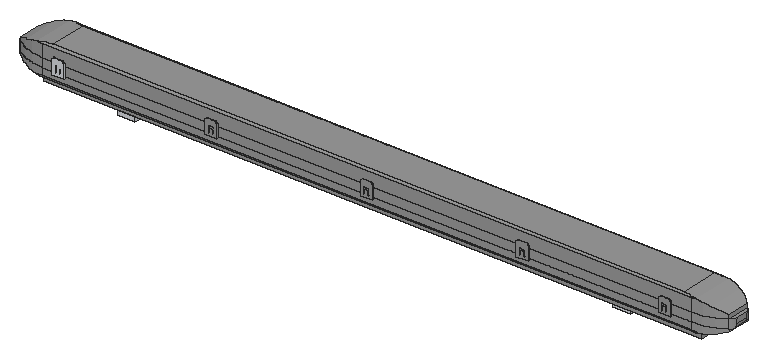
Revit family "0010317", category Lighting Fixtures, host Face, Revit 2018
Family settings
  Host = Face
  Round Connector Dimension = Use Diameter
  Part Type = Normal
  OmniClass Number = 23.80.70.00
  OmniClass Title = Lighting
  Cut with Voids When Loaded = No
  Light Source = Yes
  Shared = No
  Room Calculation Point = No
Parameters (values of type "0010317 RESISTO GRP 1500 IP66 7000LM 840")
  Weight = "n/a"
  Wattage Comments = ""
  Wattage = 9.2903 W
  WarrantyStartDate [instance] = "n/a"
  WarrantyGuarantorParts = "n/a"
  WarrantyDurationUnit = "n/a"
  WarrantyDurationParts = ""
  WarrantyDescription = "http://www.sylvania-lighting.com"
  built-in parameter 1150110 = 1 (stored number, unit not read)
  Voltage = 0 V
  URL = "1"
  TypeName = "Resisto GRP 1500 IP66 7000lm 840"
  Type Image = <None>
  Type Comments = "n/a"
  built-in parameter 1114217 = 1 (stored number, unit not read)
  Tilt Angle = 60.00°
  built-in parameter 1150109 = 1 (stored number, unit not read)
  built-in parameter 1150134 = 3
  built-in parameter 1150113 = 1 (stored number, unit not read)
  SerialNumber [instance] = "n/a"
  Photometric Web File = "0010317.ies"
  Material_3_SYL = none
  PowerFactor = 0
  PowerConsumption = "Lighting"
  NominalLength = 1450 mm
  NominalHeight = 90 mm
  NominalDepth = 100 mm
  Name = "Resisto GRP 1500 IP66 7000lm 840"
  ModelReference = Name  # "Resisto GRP 1500 IP66 7000lm 840"
  ModelNumber = "0010317"
  Model = Name  # "Resisto GRP 1500 IP66 7000lm 840"
  Material = "Feilo Sylvania"
  ManufacturerName = "137 lm/W"
  Manufacturer = ""
  LuminousEfficacy = ""
  built-in parameter 1150105 = 109.82 (stored number, unit not read)
  Lumens = 1380 lm
  LuminaireType = "0"
  built-in parameter 1150115 = 1 (stored number, unit not read)
  LightOutputRatio = "LED"
  built-in parameter 1150137 = (empty or 0)
  built-in parameter 1150139 = (empty or 0)
  LampsType = Lamp  # "n/a"
  LampNominalLuminous = "4000 K"
  LampMacAdamStep = "80"
  LampColourTemperature = "LED"
  LampColourRenderingIndex = "16500"
  built-in parameter 1150112 = 1 (stored number, unit not read)
  built-in parameter 1150114 = 1 (stored number, unit not read)
  Lamp = "n/a"
  Keynote = "n/a"
  InstallationDate [instance] = "n/a"
  InputVoltage = "0"
  InputNominalFrequency = "4000"
  built-in parameter 1150132 = (empty or 0)
  built-in parameter 1150102 = (empty or 0)
  built-in parameter 1150107 = 3200 (stored number, unit not read)
  built-in parameter 1150138 = (empty or 0)
  IngressProtection = "IfcLightFixtureType"
  ImpactProtectionIndex = "IfcLightFixtureType"
  built-in parameter 1150106 = 1.0982 (stored number, unit not read)
  IfcExportType = "IfcLightFixtureType"
  IfcExportAs = "Class I"
  ElectricShockClassification = "137"
  built-in parameter 1150104 = 13.8 (stored number, unit not read)
  DocumentationLiterature = "http://www.sylvania-lighting.com/product/en-int/products/0010317"
  DimmingControlOptions = "n/a"
  Material_2_SYL = none
  Dimming Lamp Color Temperature Shift = <None>
  Description = "Resisto GRP, integrated LED weatherproof luminaire, with smooth body finish optimized for LEDs with flat diffuser, easy to handle. Stainless steel diffuser clips and fixing brackets for surface mounting. The luminaire benefits from a water and dust resistant GRP body and PMMA diffuser. 7000lm; 51W; 137lm/W; 4000K; SDCM<4; non dimmable;  CRI80; IP66; IK02; Class I; 72,000hrs (L80B20) lifespan;  1454mm x 90mm x 120mm; D-mark."
  Default Elevation = 1219.2 mm
  CreatedOn = "12/12/2022"
  CreatedBy = "@sylvania-lighting.com"
  Cost = 0
  Color Filter = 16777215
  built-in parameter 1114216 [instance] = (empty or 0)
  ClassificationValue = "EF_70_80"
  ClassificationName = "Uniclass2015"
  Material_1_SYL = none
  BarCode [instance] = "n/a"
  built-in parameter 1114218 = 1 (stored number, unit not read)
  built-in parameter 1150133 = 10 (stored number, unit not read)
  AssetType = "Fixed"
  AssetIdentifier [instance] = "n/a"
  Assembly Code = "D5020200"
  Apparent Load = 51 VA
  Material_4_SYL = none
Reference planes
  plane 1 "Center (Front/Back)": y = 0
  plane 2: z = 0
  plane 3 "Center (Left/Right)": x = 0
  plane 4: x = -725
  plane 5: x = 725
  plane 6: z = 10
  plane 7: x = -666
  plane 8: x = 666
  plane 9: y = 26.5
  plane 10: y = -26.5
  plane 11: y = 42.5
  plane 12: y = -42.5
  plane 13: z = 25
  plane 14: z = 43
  plane 15: z = 29
  plane 16: y = -38.5
  plane 17: y = 38.5
  plane 18: x = 616
  plane 19: y = 7.5
  plane 20: x = 717.5
  plane 21: x = -717.458
  plane 22: z = 52
  plane 23: y = 28
  plane 24: y = -28
  plane 25: x = 517
  plane 26: x = -637.458
  plane 27: z = 38
  plane 28: x = -612.458
  plane 29: z = 70
  plane 30: z = 42
  plane 31: x = -616.458
  plane 32: x = -633.458
  plane 33: x = -624.958
  plane 34: x = -621.958
  plane 35: x = -627.942
  plane 36: z = 57
  plane 37: z = 49
  plane 38: x = -619.958
  plane 39: x = -629.942
  plane 40: z = 44
  plane 41: x = -328
  plane 42: y = 43.5
  plane 43: y = -43.5
  plane 44: z = 90
  plane 45: x = -640
  plane 46: y = -21.5
  plane 47: y = 21.5
  plane 48: x = -657
  plane 49: y = 6.5
  plane 50: x = -721.576
  plane 51: y = 13
  plane 52: y = 23.5
Forms (mm)
  Extrusion 1, solid, material "GFRP", detail levels medium+fine
    sketch origin (0, 0, 0) x (1, 0, 0) y (0, 1, 0)
      loop
        line (-666, 28) -> (-666, -28) -> (666, -28) -> (666, 28) -> (-666, 28)
    from 10 to 38
  Extrusion 2, solid, material "GFRP", detail levels medium+fine
    sketch origin (111, 1524, 1219.2) x (0, 1, 0) y (0, 0, 1)
      loop
        line (-1481.5, -1176.2) -> (-1566.5, -1176.2) -> (-1566.5, -1190.2)
        arc (-1566.5, -1190.2) -> (-1565.328, -1193.028) -> (-1562.5, -1194.2) r 4
        line (-1562.5, -1194.2) -> (-1485.5, -1194.2)
        arc (-1485.5, -1194.2) -> (-1482.672, -1193.028) -> (-1481.5, -1190.2) r 4
        line (-1481.5, -1190.2) -> (-1481.5, -1176.2)
    from -836 to 614
  Extrusion 3, void
    sketch origin (0, 0, 0) x (-1, 0, 0) y (0, 0, -1)
      loop
        arc (640, -25) -> (679.271, -28.273) -> (717.458, -38) r 237.258
        arc (717.458, -38) -> (722.952, -42.767) -> (725, -49.746) r 12.918
        line (725, -49.746) -> (725, -25) -> (640, -25)
    from -90.627 to 1332
  Extrusion 4, solid, material "GFRP", detail levels medium+fine
    sketch origin (0, 0, 0) x (1, 0, 0) y (0, 1, 0)
      loop
        line (-725, 42.5) -> (-725, -42.5) -> (725, -42.5) -> (725, 42.5) -> (-725, 42.5)
    from 43 to 61
  Extrusion 5, solid, material "Plastic, Opaque White", detail levels medium+fine
    sketch origin (111, -1524, -1115.2) x (0, -1, 0) y (0, 0, -1)
      loop
        line (-1481.5, -1176.2) -> (-1566.5, -1176.2) -> (-1566.5, -1201.2)
        arc (-1566.5, -1201.2) -> (-1565.328, -1204.028) -> (-1562.5, -1205.2) r 4
        line (-1562.5, -1205.2) -> (-1485.5, -1205.2)
        arc (-1485.5, -1205.2) -> (-1482.672, -1204.028) -> (-1481.5, -1201.2) r 4
        line (-1481.5, -1201.2) -> (-1481.5, -1176.2)
    from -836 to 614
  Extrusion 6, void
    sketch origin (0, 0, 104) x (-1, 0, 0) y (0, 0, -1)
      loop
        line (725, 43) -> (717.458, 43) -> (717.458, 35.019)
        arc (717.458, 35.019) -> (680.13, 19.348) -> (640, 14) r 153.229
        line (640, 14) -> (725, 14) -> (725, 43)
    from -90.627 to 1332
  Extrusion 7, solid, detail levels medium+fine
    sketch origin (0, 0, 0) x (1, 0, 0) y (0, 0, 1)
      loop
        line (-517, 10) -> (-517, 0) -> (-481, 0) -> (-481, 10) -> (-517, 10)
    from -28 to 28
  Extrusion 8, solid, detail levels medium+fine
    sketch origin (998, 0, 0) x (1, 0, 0) y (0, 0, 1)
      loop
        line (-517, 10) -> (-517, 0) -> (-481, 0) -> (-481, 10) -> (-517, 10)
    from -21.5 to 21.5
  Extrusion 9, solid, material "Aluminum", detail levels fine
    sketch origin (-1249.916, 0, 108) x (-1, 0, 0) y (0, 0, -1)
      loop
        line (-637.458, 70) -> (-637.458, 42) -> (-633.458, 38) -> (-616.458, 38) -> (-612.458, 42) -> (-612.458, 70) -> (-637.458, 70)
    from -43.5 to 43.5
  Extrusion 10, void
    sketch origin (-1249.828, 0, 101.885) x (-0.999999, 0, 0.001417) y (-0.001417, 0, -0.999999)
      loop
        line (-627.942, 57) -> (-629.942, 57) -> (-629.942, 44) -> (-619.958, 44) -> (-619.958, 57) -> (-621.958, 57) -> (-621.958, 49) -> (-627.942, 49) -> (-627.942, 57)
    from -43.5 to 43.5
  Extrusion 11, solid, not visible
    sketch origin (-1249.916, 0, 108) x (-1, 0, 0) y (0, 0, -1)
      loop
        line (-637.458, 70) -> (-637.458, 42) -> (-633.458, 38) -> (-616.458, 38) -> (-612.458, 42) -> (-612.458, 70) -> (-637.458, 70)
    from 42.5 to 43.5
  Extrusion 12, void, not visible
    sketch origin (-1249.828, 0, 101.885) x (-0.999999, 0, 0.001417) y (-0.001417, 0, -0.999999)
      loop
        line (-627.942, 57) -> (-629.942, 57) -> (-629.942, 44) -> (-619.958, 44) -> (-619.958, 57) -> (-621.958, 57) -> (-621.958, 49) -> (-627.942, 49) -> (-627.942, 57)
    from 42.5 to 47.214
  Extrusion 13, solid, material "Aluminum", detail levels fine
    sketch origin (-21.458, 0, 108) x (-1, 0, 0) y (0, 0, -1)
      loop
        line (-637.458, 70) -> (-637.458, 42) -> (-633.458, 38) -> (-616.458, 38) -> (-612.458, 42) -> (-612.458, 70) -> (-637.458, 70)
    from -43.5 to 43.5
  Extrusion 14, void
    sketch origin (-21.37, 0, 101.885) x (-0.999999, 0, 0.001417) y (-0.001417, 0, -0.999999)
      loop
        line (-627.942, 57) -> (-629.942, 57) -> (-629.942, 44) -> (-619.958, 44) -> (-619.958, 57) -> (-621.958, 57) -> (-621.958, 49) -> (-627.942, 49) -> (-627.942, 57)
    from -43.5 to 47.214
  Extrusion 15, solid, material "Aluminum", detail levels fine
    sketch origin (-624.937, 0, 108) x (-1, 0, 0) y (0, 0, -1)
      loop
        line (-637.458, 70) -> (-637.458, 42) -> (-633.458, 38) -> (-616.458, 38) -> (-612.458, 42) -> (-612.458, 70) -> (-637.458, 70)
    from -43.5 to 43.5
  Extrusion 16, void
    sketch origin (-624.849, 0, 101.885) x (-0.999999, 0, 0.001417) y (-0.001417, 0, -0.999999)
      loop
        line (-627.942, 57) -> (-629.942, 57) -> (-629.942, 44) -> (-619.958, 44) -> (-619.958, 57) -> (-621.958, 57) -> (-621.958, 49) -> (-627.942, 49) -> (-627.942, 57)
    from -43.5 to 43.5
  Extrusion 17, solid, material "Aluminum", detail levels fine
    sketch origin (-940.458, 0, 108) x (-1, 0, 0) y (0, 0, -1)
      loop
        line (-637.458, 70) -> (-637.458, 42) -> (-633.458, 38) -> (-616.458, 38) -> (-612.458, 42) -> (-612.458, 70) -> (-637.458, 70)
    from -43.5 to 43.5
  Extrusion 18, void
    sketch origin (-940.37, 0, 101.885) x (-0.999999, 0, 0.001417) y (-0.001417, 0, -0.999999)
      loop
        line (-627.942, 57) -> (-629.942, 57) -> (-629.942, 44) -> (-619.958, 44) -> (-619.958, 57) -> (-621.958, 57) -> (-621.958, 49) -> (-627.942, 49) -> (-627.942, 57)
    from -43.5 to 43.5
  Extrusion 19, solid, material "Aluminum", detail levels fine
    sketch origin (940.458, 0, 108) x (1, 0, 0) y (0, 0, -1)
      loop
        line (-637.458, 70) -> (-637.458, 42) -> (-633.458, 38) -> (-616.458, 38) -> (-612.458, 42) -> (-612.458, 70) -> (-637.458, 70)
    from -43.5 to 43.5
  Extrusion 20, void
    sketch origin (940.37, 0, 101.885) x (0.999999, 0, 0.001417) y (0.001417, 0, -0.999999)
      loop
        line (-627.942, 57) -> (-629.942, 57) -> (-629.942, 44) -> (-619.958, 44) -> (-619.958, 57) -> (-621.958, 57) -> (-621.958, 49) -> (-627.942, 49) -> (-627.942, 57)
    from 43.5 to -43.5
  Extrusion 21, solid, material "Glass, White, High Luminance", detail levels medium+fine
    sketch origin (0, 0, 0) x (1, 0, 0) y (0, 0, 1)
      loop
        line (-666, 61) -> (666, 61) -> (666, 65.032) -> (-666, 65.032) -> (-666, 61)
    from -38.5 to 38.5
  Extrusion 22, void
    sketch origin (0, 0, 104) x (1, 0, 0) y (0, 0, 1)
      loop
        line (725, -43) -> (725, -14) -> (640, -14)
        arc (640, -14) -> (680.13, -19.348) -> (717.458, -35.019) r 153.229
        line (717.458, -35.019) -> (717.458, -43) -> (725, -43)
    from -90.627 to 1332
  Extrusion 23, void
    sketch origin (0, 0, 0) x (1, 0, 0) y (0, 0, 1)
      loop
        line (640, 25) -> (725, 25) -> (725, 49.746)
        arc (725, 49.746) -> (722.952, 42.767) -> (717.458, 38) r 12.918
        arc (717.458, 38) -> (679.271, 28.273) -> (640, 25) r 237.258
    from -90.627 to 1332
  Extrusion 24, solid, detail levels coarse
    sketch origin (0, 0, 0) x (1, 0, 0) y (0, 0, 1)
      loop
        line (-725, 90) -> (-725, 0) -> (725, 0) -> (725, 90) -> (-725, 90)
    from -43.5 to 43.5
  Extrusion 25, void
    sketch origin (0, 0, 0) x (1, 0, 0) y (0, 1, 0)
      loop
        arc (-725, 13) -> (-722.127, 18.895) -> (-717.458, 23.5) r 19.444
        arc (-717.458, 23.5) -> (-688.687, 37.638) -> (-657, 42.5) r 105.688
        line (-657, 42.5) -> (-725, 42.5) -> (-725, 13)
    from 0 to 100
  Extrusion 26, void
    sketch origin (0, 0, 0) x (1, 0, 0) y (0, 1, 0)
      loop
        line (-725, -13) -> (-725, -42.5) -> (-657, -42.5)
        arc (-657, -42.5) -> (-688.687, -37.638) -> (-717.458, -23.5) r 105.688
        arc (-717.458, -23.5) -> (-722.127, -18.895) -> (-725, -13) r 19.444
    from 0 to 100
  Extrusion 27, void
    sketch origin (0, 0, 0) x (-1, 0, 0) y (0, -1, 0)
      loop
        line (-725, -13) -> (-725, -42.5) -> (-657, -42.5)
        arc (-657, -42.5) -> (-688.687, -37.638) -> (-717.458, -23.5) r 105.688
        arc (-717.458, -23.5) -> (-722.127, -18.895) -> (-725, -13) r 19.444
    from 0 to 100
  Extrusion 28, void
    sketch origin (0, 0, 0) x (-1, 0, 0) y (0, -1, 0)
      loop
        arc (-725, 13) -> (-722.127, 18.895) -> (-717.458, 23.5) r 19.444
        arc (-717.458, 23.5) -> (-688.687, 37.638) -> (-657, 42.5) r 105.688
        line (-657, 42.5) -> (-725, 42.5) -> (-725, 13)
    from 0 to 100
Cuts and joins
  Extrusion 6, Extrusion 22, Extrusion 25, Extrusion 26, Extrusion 27, Extrusion 28 cuts Extrusion 5
  Extrusion 10, Extrusion 14, Extrusion 16, Extrusion 18 cuts Extrusion 9
  Extrusion 14 cuts Extrusion 13
  Extrusion 16 cuts Extrusion 15
  Extrusion 18, Extrusion 20 cuts Extrusion 17
  Extrusion 20 cuts Extrusion 19
  Extrusion 10, Extrusion 14, Extrusion 16, Extrusion 18, Extrusion 20, Extrusion 23 cuts Extrusion 1
  Extrusion 3, Extrusion 22, Extrusion 23, Extrusion 25, Extrusion 26, Extrusion 27, Extrusion 28 cuts Extrusion 2
  Extrusion 23, Extrusion 25, Extrusion 26, Extrusion 27, Extrusion 28 cuts Extrusion 4
Dimensions and locks
  "NominalLength": plane 4 to plane 5
  equal spacing: plane 4, plane 3 "Center (Left/Right)", plane 5
  plane 6 to level = 10 mm
  plane 7 to plane 8 = 1332 mm
  equal spacing: plane 7, plane 3 "Center (Left/Right)", plane 8
  "NominalHeight": plane 44 to host face
  aligned and locked: plane 2 to host face
  aligned and locked: level to host face
Automatic sketch dimensions
  Extrusion 12 sketch curve to Extrusion 12 sketch curve = 2 mm  (x2)
  Extrusion 12 sketch curve to Extrusion 12 sketch curve = 5.984 mm
  Extrusion 12 sketch curve to Extrusion 12 sketch curve = 0 mm
  Extrusion 12 sketch curve to Extrusion 12 sketch curve = 8 mm
  Extrusion 12 sketch curve to Extrusion 12 sketch curve = 5 mm
  Extrusion 11 sketch curve to Extrusion 11 sketch curve = 4 mm  (x3)
  Extrusion 11 sketch curve to Extrusion 11 sketch curve = 17 mm
  Extrusion 11 sketch curve to Extrusion 11 sketch curve = 25 mm
  Extrusion 11 sketch curve to Extrusion 11 sketch curve = 28 mm
  host sketch curve to host sketch curve = 2438.4 mm  (x2)
  Extrusion 1 sketch curve to plane 7 = 0 mm
  Extrusion 1 sketch curve to plane 8 = 0 mm
  Extrusion 1 sketch curve to plane 24 = 0 mm
  Extrusion 1 sketch curve to plane 23 = 0 mm
  Extrusion 2 sketch curve to plane 12 = 0 mm
  Extrusion 2 sketch curve to plane 13 = 0 mm
  Extrusion 2 sketch curve to plane 16 = 0 mm
  Extrusion 2 sketch curve to plane 17 = 0 mm
  Extrusion 2 sketch curve to plane 11 = 0 mm
  Extrusion 2 sketch curve to plane 14 = 0 mm
  Extrusion 3 sketch curve to plane 13 = 0 mm
  Extrusion 3 sketch curve to plane 45 = 0 mm
  Extrusion 3 sketch curve to plane 21 = 0 mm
  Extrusion 3 sketch curve to plane 4 = 0 mm
  Extrusion 3 sketch curve to plane 27 = 0 mm
  Extrusion 3 sketch curve to plane 37 = 0.746 mm
  Extrusion 4 sketch curve to plane 4 = 0 mm
  Extrusion 4 sketch curve to plane 5 = 0 mm
  plane 12 to Extrusion 4 sketch curve = 0 mm
  plane 11 to Extrusion 4 sketch curve = 0 mm
  Extrusion 5 sketch curve to plane 11 = 0 mm
  Extrusion 5 sketch curve to plane 17 = 0 mm
  Extrusion 5 sketch curve to plane 16 = 0 mm
  Extrusion 5 sketch curve to plane 12 = 0 mm
  Extrusion 5 sketch curve to plane 44 = 0 mm
  plane 36 to Extrusion 5 sketch curve = 4 mm
  plane 45 to Extrusion 6 sketch curve = 0 mm
  Extrusion 6 sketch curve to plane 21 = 0 mm
  Extrusion 6 sketch curve to plane 4 = 0 mm
  Extrusion 6 sketch curve to plane 44 = 0 mm
  Extrusion 6 sketch curve to plane 29 = 1.019 mm
  plane 36 to Extrusion 6 sketch curve = 4 mm
  Extrusion 7 sketch curve to level = 0 mm
  Extrusion 7 sketch curve to plane 6 = 0 mm
  plane 28 to Extrusion 7 sketch curve = 95.458 mm
  Extrusion 7 sketch curve to Extrusion 7 sketch curve = 36 mm
  Extrusion 8 sketch curve to level = 0 mm
  Extrusion 8 sketch curve to plane 6 = 0 mm
  Extrusion 8 sketch curve to plane 25 = 0 mm
  Extrusion 8 sketch curve to plane 25 = 36 mm
  Extrusion 9 sketch curve to plane 27 = 0 mm
  Extrusion 9 sketch curve to plane 28 = 0 mm
  Extrusion 9 sketch curve to plane 29 = 0 mm
  Extrusion 9 sketch curve to plane 31 = 0 mm
  Extrusion 9 sketch curve to plane 32 = 0 mm
  Extrusion 9 sketch curve to plane 26 = 0 mm
  Extrusion 9 sketch curve to plane 29 = 4 mm  (x2)
  Extrusion 10 sketch curve to plane 40 = 0.007 mm
  Extrusion 10 sketch curve to plane 38 = 0.009 mm
  Extrusion 10 sketch curve to Extrusion 10 sketch curve = 2 mm  (x2)
  Extrusion 10 sketch curve to Extrusion 10 sketch curve = 5.984 mm
  Extrusion 10 sketch curve to Extrusion 10 sketch curve = 0 mm
  Extrusion 10 sketch curve to Extrusion 10 sketch curve = 8 mm
  Extrusion 10 sketch curve to Extrusion 10 sketch curve = 5 mm
  Extrusion 13 sketch curve to plane 18 = 0 mm
  Extrusion 13 sketch curve to plane 29 = 0 mm
  Extrusion 13 sketch curve to plane 27 = 0 mm
  Extrusion 13 sketch curve to plane 18 = 4 mm
  Extrusion 13 sketch curve to Extrusion 13 sketch curve = 17 mm
  Extrusion 13 sketch curve to Extrusion 13 sketch curve = 25 mm
  Extrusion 13 sketch curve to plane 29 = 4 mm  (x2)
  Extrusion 14 sketch curve to plane 40 = 0.007 mm
  Extrusion 14 sketch curve to plane 18 = 7.509 mm
  Extrusion 14 sketch curve to Extrusion 14 sketch curve = 2 mm  (x2)
  Extrusion 14 sketch curve to Extrusion 14 sketch curve = 5.984 mm
  Extrusion 14 sketch curve to Extrusion 14 sketch curve = 0 mm
  Extrusion 14 sketch curve to Extrusion 14 sketch curve = 8 mm
  Extrusion 14 sketch curve to Extrusion 14 sketch curve = 5 mm
  Extrusion 15 sketch curve to plane 27 = 0 mm
  Extrusion 15 sketch curve to plane 29 = 0 mm
  plane 3 "Center (Left/Right)" to Extrusion 15 sketch curve = 12.521 mm
  Extrusion 15 sketch curve to Extrusion 15 sketch curve = 4 mm
  Extrusion 15 sketch curve to plane 3 "Center (Left/Right)" = 8.479 mm
  Extrusion 15 sketch curve to plane 3 "Center (Left/Right)" = 12.479 mm
  Extrusion 15 sketch curve to plane 29 = 4 mm  (x2)
  Extrusion 16 sketch curve to plane 40 = 0.007 mm
  plane 3 "Center (Left/Right)" to Extrusion 16 sketch curve = 5.012 mm
  Extrusion 16 sketch curve to Extrusion 16 sketch curve = 2 mm  (x2)
  Extrusion 16 sketch curve to Extrusion 16 sketch curve = 5.984 mm
  Extrusion 16 sketch curve to Extrusion 16 sketch curve = 0 mm
  Extrusion 16 sketch curve to Extrusion 16 sketch curve = 8 mm
  Extrusion 16 sketch curve to Extrusion 16 sketch curve = 5 mm
  Extrusion 17 sketch curve to plane 27 = 0 mm
  Extrusion 17 sketch curve to plane 29 = 0 mm
  Extrusion 17 sketch curve to plane 41 = 0 mm
  plane 41 to Extrusion 17 sketch curve = 4 mm
  Extrusion 17 sketch curve to Extrusion 17 sketch curve = 17 mm
  plane 41 to Extrusion 17 sketch curve = 25 mm
  Extrusion 17 sketch curve to plane 29 = 4 mm  (x2)
  Extrusion 18 sketch curve to plane 40 = 0.007 mm
  plane 41 to Extrusion 18 sketch curve = 17.491 mm
  Extrusion 18 sketch curve to Extrusion 18 sketch curve = 2 mm  (x2)
  Extrusion 18 sketch curve to Extrusion 18 sketch curve = 5.984 mm
  Extrusion 18 sketch curve to Extrusion 18 sketch curve = 0 mm
  Extrusion 18 sketch curve to Extrusion 18 sketch curve = 8 mm
  Extrusion 18 sketch curve to Extrusion 18 sketch curve = 5 mm
  Extrusion 19 sketch curve to plane 27 = 0 mm
  Extrusion 19 sketch curve to plane 29 = 0 mm
  Extrusion 19 sketch curve to plane 25 = 214 mm
  Extrusion 19 sketch curve to Extrusion 19 sketch curve = 4 mm
  Extrusion 19 sketch curve to Extrusion 19 sketch curve = 17 mm
  Extrusion 19 sketch curve to Extrusion 19 sketch curve = 25 mm
  Extrusion 19 sketch curve to plane 29 = 4 mm  (x2)
  Extrusion 20 sketch curve to plane 40 = 0.007 mm
  Extrusion 20 sketch curve to plane 25 = 206.491 mm
  Extrusion 20 sketch curve to Extrusion 20 sketch curve = 2 mm  (x2)
  Extrusion 20 sketch curve to Extrusion 20 sketch curve = 5.984 mm
  Extrusion 20 sketch curve to Extrusion 20 sketch curve = 0 mm
  Extrusion 20 sketch curve to Extrusion 20 sketch curve = 8 mm
  Extrusion 20 sketch curve to Extrusion 20 sketch curve = 5 mm
  Extrusion 21 sketch curve to plane 7 = 0 mm
  Extrusion 21 sketch curve to plane 8 = 0 mm
  plane 36 to Extrusion 21 sketch curve = 4 mm
  Extrusion 21 sketch curve to Extrusion 21 sketch curve = 4.032 mm
  Extrusion 22 sketch curve to plane 44 = 0 mm
  Extrusion 22 sketch curve to plane 5 = 0 mm
  plane 20 to Extrusion 22 sketch curve = 0.042 mm
  Extrusion 22 sketch curve to plane 18 = 24 mm
  plane 29 to Extrusion 22 sketch curve = 1.019 mm
  Extrusion 22 sketch curve to plane 36 = 4 mm
  Extrusion 23 sketch curve to plane 13 = 0 mm
  Extrusion 23 sketch curve to plane 27 = 0 mm
  Extrusion 23 sketch curve to plane 5 = 0 mm
  plane 37 to Extrusion 23 sketch curve = 0.746 mm
  Extrusion 23 sketch curve to plane 5 = 12.918 mm
  plane 18 to Extrusion 23 sketch curve = 24 mm
  Extrusion 24 sketch curve to level = 0 mm
  Extrusion 24 sketch curve to plane 4 = 0 mm
  Extrusion 24 sketch curve to plane 5 = 0 mm
  Extrusion 24 sketch curve to plane 44 = 0 mm
  Extrusion 25 sketch curve to plane 4 = 0 mm
  Extrusion 25 sketch curve to plane 21 = 0 mm  (x2)
  plane 11 to Extrusion 25 sketch curve = 0 mm
  Extrusion 25 sketch curve to plane 48 = 0 mm
  Extrusion 25 sketch curve to plane 51 = 0 mm
  Extrusion 25 sketch curve to plane 52 = 0 mm
  Extrusion 26 sketch curve to plane 4 = 0 mm
  Extrusion 26 sketch curve to plane 21 = 0 mm  (x2)
  plane 12 to Extrusion 26 sketch curve = 0 mm
  Extrusion 26 sketch curve to plane 48 = 0 mm
  Extrusion 26 sketch curve to plane 1 "Center (Front/Back)" = 7.552 mm
  Extrusion 26 sketch curve to Extrusion 26 sketch curve = 18.665 mm
  Extrusion 27 sketch curve to plane 5 = 0 mm
  plane 52 to Extrusion 27 sketch curve = 0 mm  (x2)
  plane 11 to Extrusion 27 sketch curve = 0 mm
  plane 51 to Extrusion 27 sketch curve = 0 mm
  Extrusion 27 sketch curve to plane 19 = 0.052 mm
  Extrusion 27 sketch curve to Extrusion 27 sketch curve = 18.665 mm
  Extrusion 28 sketch curve to plane 5 = 0 mm
  plane 12 to Extrusion 28 sketch curve = 0 mm
  Extrusion 28 sketch curve to plane 20 = 11.165 mm
  Extrusion 28 sketch curve to plane 8 = 9 mm
  plane 46 to Extrusion 28 sketch curve = 8.5 mm
  plane 1 "Center (Front/Back)" to Extrusion 28 sketch curve = 7.552 mm
  plane 42 to Extrusion 28 sketch curve = 19.688 mm
Connectors
  electrical at (0, 0, 0), driven by "Apparent Load", driven by "PowerFactor", driven by "Voltage"
    settings: index 1, voltage 0 V, apparent load 51 VA, apparent load phase1 0 VA, apparent load phase2 0 VA, apparent load phase3 0 VA, power factor 0, load classification "Lighting", number of poles 1, system type 30, power factor state 1, is connector primary yes, connector utility no, sub classification motor no, connector description ""
